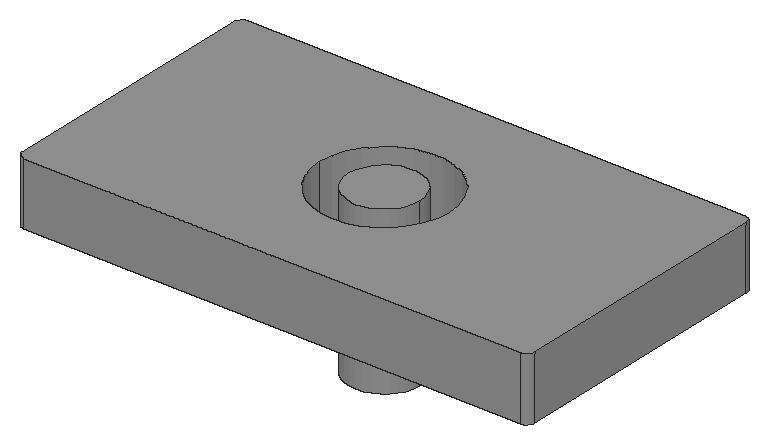
Revit family "TV", category Electrical Fixtures, Revit 2023
Family settings
  Round Connector Dimension = Use Diameter
  Part Type = Normal
  Work Plane-Based = Yes
  Always vertical = No
  Cut with Voids When Loaded = No
  Maintain Annotation Orientation = Yes
  Shared = Yes
  Room Calculation Point = No
Parameters
  RC = 1 mm
  PROFUNDIDAD RANURA = 10 mm
  MATERIAL_2 [instance] = TERMOPOLIMERO NEGRO
  MATERIAL_1 [instance] = TERMOPOLIMERO BLANCO
  MATERIAL 3 = Acero Niquelado
  LONGITUD RECEPTACULO = 65 mm
  LARGO CONECTOR = 10 mm
  INCLUIR EN LISTADO = no
  ESPESOR BASE = 3 mm
  ESPESOR = 8 mm
  Default Elevation = 1219.2 mm
  ANCHO RECEPTACULO = 35.5 mm
  ET = 1.5 mm
Reference planes
  plane 1 "Center (Front/Back)": y = 0
  plane 2: z = 0
  plane 3 "Center (Left/Right)": x = 0
  plane 4: x = -32.5
  plane 5: x = 32.5
  plane 6: y = -17.75
  plane 7: y = 17.75
  plane 8 "PLANO 1": z = -3
  plane 9 "PLANO 3": z = -13
  plane 10: z = -4.5
  plane 11 "PLANO 4": z = 8
  plane 12 "plano 5": z = -2
  plane 13 "plano 6": z = 0
Forms (mm)
  Extrusion 1, solid, material "TERMOPOLIMERO BLANCO" <- "MATERIAL_1"
    sketch origin (0, 0, 0) x (1, 0, 0) y (0, 1, 0)
      loop
        circle (0, 0) r 9.25
    from 0 to -3
  Extrusion 2, solid, material "TERMOPOLIMERO BLANCO" <- "MATERIAL_1"
    sketch origin (0, 0, 0) x (1, 0, 0) y (0, 1, 0)
      loop
        arc (-31.5, 17.75) -> (-32.207, 17.457) -> (-32.5, 16.75) r 1
        line (-32.5, 16.75) -> (-32.5, -16.75)
        arc (-32.5, -16.75) -> (-32.207, -17.457) -> (-31.5, -17.75) r 1
        line (-31.5, -17.75) -> (31.5, -17.75)
        arc (31.5, -17.75) -> (32.207, -17.457) -> (32.5, -16.75) r 1
        line (32.5, -16.75) -> (32.5, 16.75)
        arc (32.5, 16.75) -> (32.207, 17.457) -> (31.5, 17.75) r 1
        line (31.5, 17.75) -> (-31.5, 17.75)
    from 0 to 8
  Extrusion 3, solid, material "Acero Niquelado" <- "MATERIAL 3"
    sketch origin (0, 0, -3) x (-1, 0, 0) y (0, -1, 0)
      loop
        circle (0, 0) r 4.5
    from 0 to -10
  Extrusion 4, void
    sketch origin (0, 0, 9) x (-1, 0, 0) y (0, -1, 0)
      loop
        circle (0, 0) r 8.25
    from -10 to 0
  Extrusion 5, solid, material "Acero Niquelado" <- "MATERIAL 3"
    sketch origin (0, 0, -2) x (-1, 0, 0) y (0, -1, 0)
      loop
        line (-5, -2.887) -> (0, -5.774) -> (5, -2.887) -> (5, 2.887) -> (0, 5.774) -> (-5, 2.887) -> (-5, -2.887)
    from 0 to 2
  Extrusion 6, solid, material "Acero Niquelado" <- "MATERIAL 3"
    sketch origin (0, 0, 0) x (-1, 0, 0) y (0, -1, 0)
      loop
        circle (0, 0) r 4.5
    from 0 to 8
  Extrusion 7, solid, material "Acero Niquelado" <- "MATERIAL 3"
    sketch origin (0, 0, -3) x (-1, 0, 0) y (0, -1, 0)
      loop
        line (-5, -2.887) -> (0, -5.774) -> (5, -2.887) -> (5, 2.887) -> (0, 5.774) -> (-5, 2.887) -> (-5, -2.887)
      loop
        circle (0, 0) r 4.5
    from 0 to -1.5
Cuts and joins
  Extrusion 4 cuts Extrusion 1
  Extrusion 4 cuts Extrusion 2
  joined: Extrusion 1, Extrusion 2
Dimensions and locks
  equal spacing: plane 4, plane 3 "Center (Left/Right)", plane 5
  equal spacing: plane 7, plane 1 "Center (Front/Back)", plane 6
  "ANCHO RECEPTACULO": plane 7 to plane 6
  "LONGITUD RECEPTACULO": plane 4 to plane 5
  "ESPESOR BASE": plane 2 to plane 8 "PLANO 1"
  "ESPESOR": plane 11 "PLANO 4" to plane 2
  "PROFUNDIDAD RANURA": plane 11 "PLANO 4" to plane 12 "plano 5"
  "ET": plane 10 to plane 8 "PLANO 1"
  "LARGO CONECTOR": plane 8 "PLANO 1" to plane 9 "PLANO 3"
  "RC": radius of Extrusion 2 sketch curve  (x4)
  aligned and locked: level to plane 2
  aligned and locked: plane 2 to Extrusion 1
  aligned and locked: Extrusion 2 sketch curve to plane 7
  aligned and locked: plane 6 to Extrusion 2 sketch curve
  aligned and locked: Extrusion 2 sketch curve to plane 5
  aligned and locked: Extrusion 1 to plane 8 "PLANO 1"
  aligned and locked: Extrusion 3 to plane 9 "PLANO 3"
  aligned and locked: plane 8 "PLANO 1" to Extrusion 3
  aligned and locked: plane 11 "PLANO 4" to Extrusion 2
  aligned and locked: Extrusion 2 to plane 2
  aligned and locked: Extrusion 5 to plane 12 "plano 5"
  aligned and locked: plane 13 "plano 6" to Extrusion 5
  aligned and locked: Extrusion 6 to plane 13 "plano 6"
  aligned and locked: plane 11 "PLANO 4" to Extrusion 6
  aligned and locked: Extrusion 7 to plane 10
Automatic sketch dimensions
  plane 1 "Center (Front/Back)" to Extrusion 4 sketch curve = 0 mm
  Extrusion 4 sketch curve to plane 3 "Center (Left/Right)" = 0 mm
  plane 1 "Center (Front/Back)" to Extrusion 6 sketch curve = 0 mm
  Extrusion 6 sketch curve to plane 3 "Center (Left/Right)" = 0 mm
  Extrusion 5 sketch curve to plane 3 "Center (Left/Right)" = 0 mm  (x2)
  plane 3 "Center (Left/Right)" to Extrusion 5 sketch curve = 5 mm
  Extrusion 5 sketch curve to plane 3 "Center (Left/Right)" = 5 mm
  plane 1 "Center (Front/Back)" to Extrusion 5 sketch curve = 2.887 mm  (x2)
  Extrusion 5 sketch curve to Extrusion 5 sketch curve = 2.887 mm
  Extrusion 5 sketch curve to plane 1 "Center (Front/Back)" = 5.774 mm
  Extrusion 5 sketch curve to plane 1 "Center (Front/Back)" = 2.887 mm  (x2)
  plane 1 "Center (Front/Back)" to Extrusion 1 sketch curve = 0 mm
  Extrusion 1 sketch curve to plane 3 "Center (Left/Right)" = 0 mm
  plane 1 "Center (Front/Back)" to Extrusion 3 sketch curve = 0 mm
  Extrusion 3 sketch curve to plane 3 "Center (Left/Right)" = 0 mm
  Extrusion 7 sketch curve to plane 3 "Center (Left/Right)" = 0 mm  (x3)
  plane 1 "Center (Front/Back)" to Extrusion 7 sketch curve = 0 mm
  plane 3 "Center (Left/Right)" to Extrusion 7 sketch curve = 5 mm
  Extrusion 7 sketch curve to plane 3 "Center (Left/Right)" = 5 mm
  Extrusion 7 sketch curve to plane 1 "Center (Front/Back)" = 2.887 mm  (x2)
  Extrusion 7 sketch curve to Extrusion 7 sketch curve = 2.887 mm  (x2)
  plane 1 "Center (Front/Back)" to Extrusion 7 sketch curve = 2.887 mm  (x2)
  Extrusion 2 sketch curve to plane 4 = 0 mm
  radius of Extrusion 4 sketch curve = 8.25 mm
  radius of Extrusion 1 sketch curve = 9.25 mm
  radius of Extrusion 3 sketch curve = 4.5 mm
  radius of Extrusion 6 sketch curve = 4.5 mm
  radius of Extrusion 7 sketch curve = 4.5 mm
Connectors
  electrical at (0, 0, 8)
    settings: on Extrusion 2, index 1, voltage 125 V, apparent load 0 VA, apparent load phase1 0 VA, apparent load phase2 0 VA, apparent load phase3 0 VA, power factor 1, load classification "Signaling", number of poles 1, system type 5, power factor state 1, is connector primary yes, connector utility no, sub classification motor no, connector description ""
